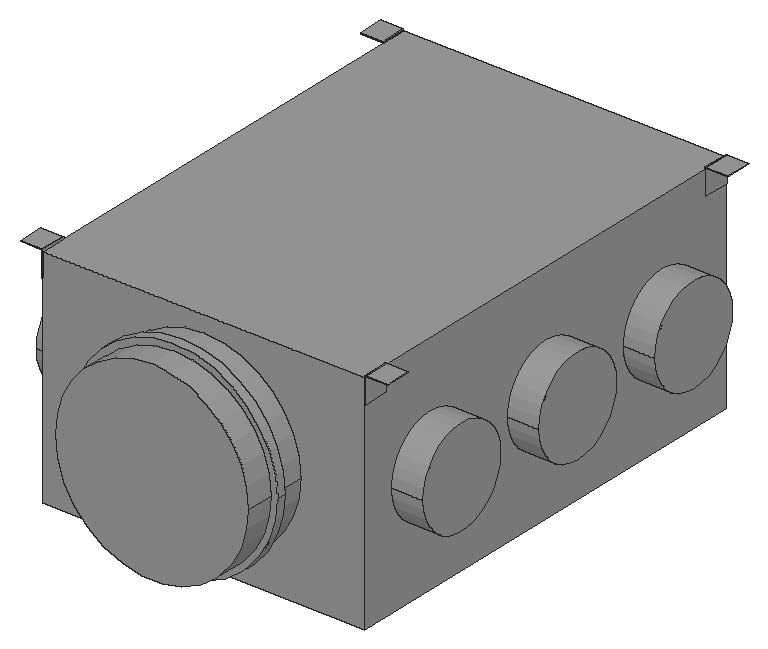
Revit family "SA_FASU(F7-150 300Φ)", category ダクト付属品, Revit 2022
Family settings
  丸型コネクタ寸法 = 直径を使用
  パーツ タイプ = ダンパー
  OmniClass 番号 = 23.75.00.00
  OmniClass タイトル = Climate Control (HVAC)
  作業面ベース = いいえ
  常に垂直 = はい
  ロード時にボイドで切り取り = いいえ
  共有 = いいえ
Parameters
  高さ = 350 mm
  風量 = 0.0 L/s
  符号 = "FASU"
  形式 = "F7-150 300φ"
  幅 [instance] = 500 mm
  奥行き = 700 mm
  大きさ = 250 mm
  呼称 = "FASUチャンバー"
  付属品_下端レベル [instance] = 0 mm
  マテリアル [instance] = 既定値
  ダクト_イン = 300 mm
  ダクト_アウト = 150 mm
  既定の高さ = 0 mm
Reference planes
  plane 1 "中心(正面/背面)": y = 0
  plane 2: z = 0
  plane 3 "中心(左/右)": x = 0
  plane 4: x = -250
  plane 5: x = 250
  plane 6: y = -700
  plane 7: z = 350
  plane 8: z = 175
  plane 9: z = 266.963
  plane 10: z = 86.159
  plane 11: x = -251
  plane 12: z = 313.122
  plane 13: z = 352.122
  plane 14: y = -350
Forms (mm)
  Extrusion 1, solid, material "既定値" <- "マテリアル"
    sketch origin (0, 0, 0) x (1, 0, 0) y (0, 1, 0)
      loop
        line (-250, 0) -> (-250, -700) -> (250, -700) -> (250, 0) -> (-250, 0)
    from 0 to 350
  Extrusion 2, solid, material "既定値" <- "マテリアル"
    sketch origin (0, -30, 0) x (1, 0, 0) y (0, 1, 0)
      loop
        line (-250, 30) -> (-251, 30) -> (-251, -10) -> (-250, -10) -> (-250, 30)
    from 313.122 to 350
  Extrusion 3, solid, material "既定値" <- "マテリアル"
    sketch origin (0, -30, 0) x (1, 0, 0) y (0, 1, 0)
      loop
        line (-285, 30) -> (-285, -10) -> (-251, -10) -> (-251, 30) -> (-285, 30)
    from 352.122 to 350
  Extrusion 4, solid, material "既定値" <- "マテリアル"
    sketch origin (0, -30, 0) x (-1, 0, 0) y (0, -1, 0)
      loop
        line (-250, -30) -> (-250, 10) -> (-251, 10) -> (-251, -30) -> (-250, -30)
    from 313.122 to 353.122
  Extrusion 5, solid, material "既定値" <- "マテリアル"
    sketch origin (0, -30, 0) x (-1, 0, 0) y (0, -1, 0)
      loop
        line (-285, -30) -> (-251, -30) -> (-251, 10) -> (-285, 10) -> (-285, -30)
    from 352.122 to 353.122
  Extrusion 6, solid, material "既定値" <- "マテリアル"
    sketch origin (0, -490, 0) x (1, 0, 0) y (0, 1, 0)
      loop
        line (-285, -170) -> (-285, -210) -> (-251, -210) -> (-251, -170) -> (-285, -170)
    from 352.122 to 353.122
  Extrusion 7, solid, material "既定値" <- "マテリアル"
    sketch origin (0, -490, 0) x (1, 0, 0) y (0, 1, 0)
      loop
        line (-250, -170) -> (-251, -170) -> (-251, -210) -> (-250, -210) -> (-250, -170)
    from 313.122 to 353.122
  Extrusion 8, solid, material "既定値" <- "マテリアル"
    sketch origin (0, -490, 0) x (-1, 0, 0) y (0, -1, 0)
      loop
        line (-285, 170) -> (-251, 170) -> (-251, 210) -> (-285, 210) -> (-285, 170)
    from 352.122 to 353.122
  Extrusion 9, solid, material "既定値" <- "マテリアル"
    sketch origin (0, -490, 0) x (-1, 0, 0) y (0, -1, 0)
      loop
        line (-250, 170) -> (-250, 210) -> (-251, 210) -> (-251, 170) -> (-250, 170)
    from 313.122 to 353.122
  Extrusion 10, solid, material "既定値" <- "マテリアル"
    sketch origin (550, -582.5, 0) x (0, -1, 0) y (0, 0, -1)
      loop
        circle (-232.5, -175) r 74.985
    from -300 to -250
  Extrusion 11, solid, material "既定値" <- "マテリアル"
    sketch origin (-550, -582.5, 0) x (0, -1, 0) y (0, 0, 1)
      loop
        circle (-232.5, 175) r 74.985
    from -300 to -250
  Extrusion 12, solid, material "既定値" <- "マテリアル"
    sketch origin (0, -700, 0) x (1, 0, 0) y (0, 0, 1)
      loop
        circle (0, 175) r 150
    from 0 to 42.5
  Extrusion 13, solid, material "既定値" <- "マテリアル"
    sketch origin (0, -743, 0) x (1, 0, 0) y (0, 0, 1)
      loop
        circle (0, 175) r 160
    from -0.5 to 14.5
  Extrusion 14, solid, material "既定値" <- "マテリアル"
    sketch origin (0, -757.5, 0) x (1, 0, 0) y (0, 0, 1)
      loop
        circle (0, 175) r 150
    from 0 to 42.5
  Extrusion 15, solid, material "既定値" <- "マテリアル"
    sketch origin (550, -357.5, 0) x (0, -1, 0) y (0, 0, -1)
      loop
        circle (-232.5, -175) r 74.985
    from -300 to -250
  Extrusion 16, solid, material "既定値" <- "マテリアル"
    sketch origin (-550, -357.5, 0) x (0, -1, 0) y (0, 0, 1)
      loop
        circle (-232.5, 175) r 74.985
    from -300 to -250
  Extrusion 17, solid, material "既定値" <- "マテリアル"
    sketch origin (550, -142.5, 0) x (0, 1, 0) y (0, 0, 1)
      loop
        circle (-432.5, 175) r 74.985
    from -300 to -250
  Extrusion 18, solid, material "既定値" <- "マテリアル"
    sketch origin (0, -142.5, 0) x (0, 1, 0) y (0, 0, 1)
      loop
        circle (-432.5, 175) r 74.985
    from -300 to -250
  Extrusion 19, solid, material "既定値" <- "マテリアル"
    sketch origin (232.5, 300, 0) x (1, 0, 0) y (0, 0, -1)
      loop
        circle (-232.5, -175) r 74.985
    from -300 to -250
Lines and regions (mm)
  model lines
    curve 1: line (-250, -30, 0) -> (250, -30, 0)
    curve 2: line (-250, -670, 0) -> (250, -670, 0)
Text (mm)
  text "FASU(F7-150 300Φ)" at (3.713, -630.412, 0), in view "参照レベル"
Dimensions and locks
  equal spacing: plane 4, plane 3 "中心(左/右)", plane 5
  "幅": plane 4 to plane 5
  "奥行き": plane 6 to plane 1 "中心(正面/背面)"
  "高さ": plane 7 to level
  equal spacing: plane 7, plane 8, level
  equal spacing: plane 6, plane 14, plane 1 "中心(正面/背面)"
  aligned and locked: level to plane 2
  aligned and locked: Extrusion 1 sketch curve to plane 5
  aligned and locked: plane 7 to Extrusion 1
  aligned and locked: Extrusion 2 sketch curve to Extrusion 1
  aligned and locked: plane 7 to Extrusion 2
  aligned and locked: Extrusion 3 sketch curve to Extrusion 2
  aligned and locked: Extrusion 2 to Extrusion 3 sketch curve
  aligned and locked: plane 7 to Extrusion 3
  aligned and locked: Extrusion 3 to plane 13
  aligned and locked: Extrusion 4 to Extrusion 5 sketch curve
  aligned and locked: Extrusion 5 sketch curve to Extrusion 4
  aligned and locked: Extrusion 1 to Extrusion 8
  aligned and locked: Extrusion 6 to Extrusion 1
  aligned and locked: Extrusion 7 to Extrusion 1
  aligned and locked: Extrusion 1 to Extrusion 9
  aligned and locked: Extrusion 9 to Extrusion 8
  aligned and locked: Extrusion 7 to Extrusion 6
  aligned and locked: plane 4 to Extrusion 7
  aligned and locked: Extrusion 9 to plane 5
  aligned and locked: plane 4 to curve 1
  aligned and locked: plane 5 to curve 1
  aligned and locked: plane 5 to curve 2
  aligned and locked: Extrusion 1 to Extrusion 3
  aligned and locked: Extrusion 5 to Extrusion 1
  aligned and locked: Extrusion 4 to plane 5
  aligned and locked: Extrusion 1 to plane 6
  aligned and locked: Extrusion 1 to plane 1 "中心(正面/背面)"
  aligned and locked: plane 6 to Extrusion 12
  aligned and locked: Extrusion 15 to plane 5
  aligned and locked: plane 4 to Extrusion 16
  aligned and locked: Extrusion 17 to plane 5
  aligned and locked: plane 4 to Extrusion 18
Automatic sketch dimensions
  curve 2 to plane 4 = 0 mm
  plane 6 to curve 2 = 30 mm
  plane 1 "中心(正面/背面)" to curve 1 = 30 mm
  Extrusion 1 sketch curve to plane 4 = 0 mm
  Extrusion 1 sketch curve to plane 6 = 0 mm
  plane 1 "中心(正面/背面)" to Extrusion 1 sketch curve = 0 mm
  plane 1 "中心(正面/背面)" to Extrusion 2 sketch curve = 0 mm
  Extrusion 2 sketch curve to plane 11 = 0 mm
  Extrusion 2 sketch curve to Extrusion 2 sketch curve = 40 mm
  plane 1 "中心(正面/背面)" to Extrusion 3 sketch curve = 0 mm
  Extrusion 3 sketch curve to Extrusion 3 sketch curve = 34 mm
  plane 1 "中心(正面/背面)" to Extrusion 4 sketch curve = 0 mm
  Extrusion 4 sketch curve to plane 5 = 0 mm
  Extrusion 4 sketch curve to Extrusion 4 sketch curve = 1 mm
  Extrusion 4 sketch curve to Extrusion 4 sketch curve = 40 mm
  plane 1 "中心(正面/背面)" to Extrusion 5 sketch curve = 0 mm
  Extrusion 5 sketch curve to Extrusion 5 sketch curve = 34 mm
  Extrusion 6 sketch curve to plane 6 = 0 mm
  Extrusion 6 sketch curve to plane 11 = 0 mm
  Extrusion 6 sketch curve to plane 11 = 34 mm
  plane 6 to Extrusion 6 sketch curve = 40 mm
  Extrusion 7 sketch curve to plane 11 = 0 mm
  Extrusion 7 sketch curve to plane 4 = 0 mm
  Extrusion 7 sketch curve to plane 6 = 0 mm
  plane 6 to Extrusion 7 sketch curve = 40 mm
  Extrusion 8 sketch curve to plane 6 = 0 mm
  Extrusion 8 sketch curve to plane 5 = 35 mm
  Extrusion 8 sketch curve to plane 5 = 1 mm
  Extrusion 8 sketch curve to Extrusion 8 sketch curve = 40 mm
  Extrusion 9 sketch curve to plane 6 = 0 mm
  Extrusion 9 sketch curve to plane 5 = 0 mm
  Extrusion 9 sketch curve to Extrusion 9 sketch curve = 1 mm
  Extrusion 9 sketch curve to Extrusion 9 sketch curve = 40 mm
  Extrusion 10 sketch curve to plane 8 = 0 mm
  Extrusion 10 sketch curve to plane 14 = 0 mm
  Extrusion 11 sketch curve to plane 8 = 0 mm
  Extrusion 11 sketch curve to plane 14 = 0 mm
  Extrusion 12 sketch curve to plane 3 "中心(左/右)" = 0 mm
  Extrusion 12 sketch curve to plane 8 = 0 mm
  Extrusion 13 sketch curve to plane 3 "中心(左/右)" = 0 mm
  Extrusion 13 sketch curve to plane 8 = 0 mm
  Extrusion 14 sketch curve to plane 3 "中心(左/右)" = 0 mm
  Extrusion 14 sketch curve to plane 8 = 0 mm
  Extrusion 15 sketch curve to plane 8 = 0 mm
  plane 1 "中心(正面/背面)" to Extrusion 15 sketch curve = 125 mm
  Extrusion 16 sketch curve to plane 8 = 0 mm
  plane 1 "中心(正面/背面)" to Extrusion 16 sketch curve = 125 mm
  Extrusion 17 sketch curve to plane 8 = 0 mm
  plane 6 to Extrusion 17 sketch curve = 125 mm
  Extrusion 18 sketch curve to plane 8 = 0 mm
  plane 6 to Extrusion 18 sketch curve = 125 mm
  Extrusion 19 sketch curve to plane 3 "中心(左/右)" = 0 mm
  Extrusion 19 sketch curve to plane 8 = 0 mm
  radius of Extrusion 10 sketch curve = 74.985 mm
  radius of Extrusion 11 sketch curve = 74.985 mm
  radius of Extrusion 12 sketch curve = 150 mm
  radius of Extrusion 13 sketch curve = 160 mm
  radius of Extrusion 14 sketch curve = 150 mm
  radius of Extrusion 15 sketch curve = 74.985 mm
  radius of Extrusion 16 sketch curve = 74.985 mm
  radius of Extrusion 17 sketch curve = 74.985 mm
  radius of Extrusion 18 sketch curve = 74.985 mm
  radius of Extrusion 19 sketch curve = 74.985 mm
Connectors
  hvac at (-300, -575, 175), driven by "ダクト_アウト"
    settings: on Extrusion 18, index 1, duct flow 0.0 L/s, flow factor 0, pres drop 0.0 Pa, loss coef 0, conn angle 0.00°, conn width 304.8 mm, conn height 304.8 mm, conn diameter 150 mm, duct sys type 29, conn prof type 0, flow config 0, flow direction 2, loss method 0, conn ref index -1, conn util no, is conn primary yes, conn desc ""
  hvac at (-300, -350, 175), driven by "ダクト_アウト"
    settings: on Extrusion 11, index 2, duct flow 0.0 L/s, flow factor 0, pres drop 0.0 Pa, loss coef 0, conn angle 0.00°, conn width 304.8 mm, conn height 304.8 mm, conn diameter 150 mm, duct sys type 29, conn prof type 0, flow config 0, flow direction 2, loss method 0, conn ref index -1, conn util no, is conn primary no, conn desc ""
  hvac at (-300, -125, 175), driven by "ダクト_アウト"
    settings: on Extrusion 16, index 3, duct flow 0.0 L/s, flow factor 0, pres drop 0.0 Pa, loss coef 0, conn angle 0.00°, conn width 304.8 mm, conn height 304.8 mm, conn diameter 150 mm, duct sys type 29, conn prof type 0, flow config 0, flow direction 2, loss method 0, conn ref index -1, conn util no, is conn primary no, conn desc ""
  hvac at (0, 50, 175), driven by "ダクト_アウト"
    settings: on Extrusion 19, index 4, duct flow 0.0 L/s, flow factor 0, pres drop 0.0 Pa, loss coef 0, conn angle 0.00°, conn width 304.8 mm, conn height 304.8 mm, conn diameter 150 mm, duct sys type 29, conn prof type 0, flow config 0, flow direction 2, loss method 0, conn ref index -1, conn util no, is conn primary no, conn desc ""
  hvac at (300, -125, 175), driven by "ダクト_アウト"
    settings: on Extrusion 15, index 5, duct flow 0.0 L/s, flow factor 0, pres drop 0.0 Pa, loss coef 0, conn angle 0.00°, conn width 304.8 mm, conn height 304.8 mm, conn diameter 150 mm, duct sys type 29, conn prof type 0, flow config 0, flow direction 2, loss method 0, conn ref index -1, conn util no, is conn primary no, conn desc ""
  hvac at (300, -350, 175), driven by "ダクト_アウト"
    settings: on Extrusion 10, index 6, duct flow 0.0 L/s, flow factor 0, pres drop 0.0 Pa, loss coef 0, conn angle 0.00°, conn width 304.8 mm, conn height 304.8 mm, conn diameter 150 mm, duct sys type 29, conn prof type 0, flow config 0, flow direction 2, loss method 0, conn ref index -1, conn util no, is conn primary no, conn desc ""
  hvac at (300, -575, 175), driven by "ダクト_アウト"
    settings: on Extrusion 17, index 7, duct flow 0.0 L/s, flow factor 0, pres drop 0.0 Pa, loss coef 0, conn angle 0.00°, conn width 304.8 mm, conn height 304.8 mm, conn diameter 150 mm, duct sys type 29, conn prof type 0, flow config 0, flow direction 2, loss method 0, conn ref index -1, conn util no, is conn primary no, conn desc ""
  hvac at (0, -800, 175), driven by "ダクト_イン"
    settings: on Extrusion 14, index 8, duct flow 0.0 L/s, flow factor 0, pres drop 0.0 Pa, loss coef 0, conn angle 0.00°, conn width 304.8 mm, conn height 304.8 mm, conn diameter 300 mm, duct sys type 29, conn prof type 0, flow config 0, flow direction 1, loss method 0, conn ref index -1, conn util no, is conn primary no, conn desc ""
